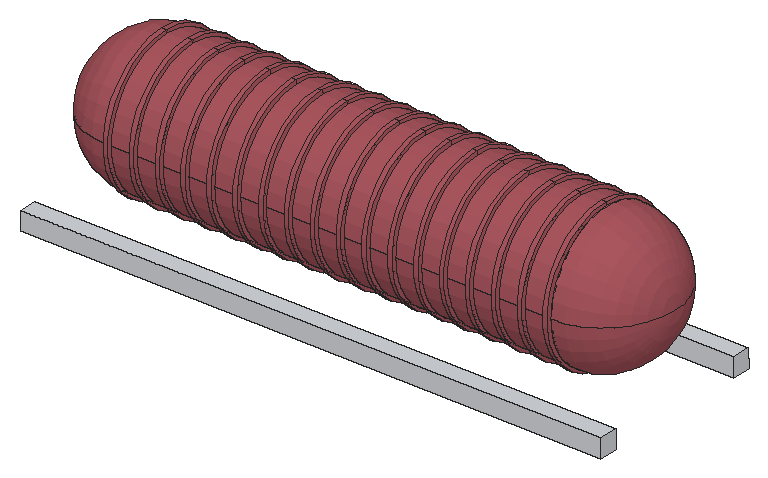
Revit family "Fluid-Storage_Water-Tank_Xerxes_Underground-Wastewater", category Generic Models, Revit 2026
Family settings
  Can host rebar = No
  Round Connector Dimension = Use Diameter
  Part Type = Normal
  Classification Number = 23.65.20.11
  Work Plane-Based = Yes
  Always vertical = No
  Cut with Voids When Loaded = No
  Maintain Annotation Orientation = No
  Shared = No
  Room Calculation Point = No
Parameters
  ribcountcontrol = if(Rib Count < 2, 2, Rib Count)  # 18
  Warranty Duration (Years) = 0
  Unit Weight Notes = "Unit Weight refers to empty tank only."  # constant formula
  Unit Weight = 0
  Unit Length = 31' - 6 1/2"
  URL = "http://www.xerxes.com/"
  Tank Diameter Without Ribs = 7' - 8"
  Standards Conformance = "as Specified"
  Specification = "http://www.arcat.com/sdspecs/htm04/33_16_00xer.htm"
  SpecWizard = "http://www.arcat.com/specwizard/clients/xerxes.html?coid=36629"
  Small Size Resevoir Fitting = no
  Send Message = ""
  Sales Information = "http://www.xerxes.com/contact.html?country=US&productType=Petroleum%20Products"
  Ribs = not(and(Diameter = 4' 0", Unit Length < 10' 0"))  # yes
  Rib Inset = 3' - 10"
  Rib Count = 18
  Revision = "R1_2015-07"
  Product Properties = ""
  Product Data = "http://www.arcat.com/arcatcos/cos36/arc36629.html"
  Model = "As Specified"
  Manufacturer Website = "http://www.xerxes.com/"
  Manufacturer Phone - Toll Free = ""
  Manufacturer Phone = "952-887-1890"
  Manufacturer Fax = "952-887-1882"
  Manufacturer Address = "7901 Xerxes Ave. S.   Minneapolis, MN 55431"
  Manufacturer = "Xerxes Corporation"
  Maintenance Schedule (Months) = 0
  Keynote = "13200"
  Installation-Fabrication = ""
  Installation Phase = ""
  Include Deadmen Anchor [instance] = yes
  Green Building-LEED = ""
  Exterior Finish [instance] = Plastic - Fiberglass - Xerxes - Signature Red
  Expected Lifespan (Years) = 0
  End Length = 3' - 7 3/4"
  Drawn By = "Sumex Design, Inc. / Robert S. Weygant, CSI, CDT, SCIP"
  Double Wall Tank_Dry Monitored [instance] = no
  Double Wall Tank_Brine Monitored [instance] = no
  Double Wall Tank Notes [instance] = "Brine Monitored Tanks will weigh more than Dry Monitored."  # constant formula
  Diameter = 8' - 0"
  Description = "Xerxes Water Tank as Specified"
  Default Elevation = 0' - 0"
  Copyright = "©Arcat Inc."
  Construction Details = "http://www.arcat.com/details/xerxes/xerxes.html?coid=36629"
  Capacity = "as Specified"
  Brine Weight = 0
  Available LEED Credit = "as Specified"
  Assembly Code = "G30"
  Actual Capacity Tank Section 1 = 0
Reference planes (in)
  plane 1 "Center (Front/Back)": y = 0
  plane 2 "Bottom": z = 0
  plane 3 "Center (Left/Right)": x = 0
  plane 4 "Front": y = -46
  plane 5 "Back": y = 46
  plane 6 "Left": x = -189.25
  plane 7 "Right": x = 189.25
  plane 8 "Top": z = 92
  plane 9: x = -145.5
  plane 10: x = 145.5
  plane 11: z = 46
  plane 12: x = -143.25
  plane 13: x = 143.25
  plane 14: z = 94
  plane 15: z = -2
Forms (in)
  Revolve 1, solid, material "Plastic - Fiberglass - Xerxes - Signature Red" <- "Exterior Finish"
    sketch origin (-43.59721, -180, 46) x (-1, 0, 0) y (0, -1, 0)
      loop
        spline (101.90279, -226) -> (107.61331, -225.60646) -> (113.22612, -224.43259) -> (118.64519, -222.49846) -> (123.77779, -219.83717) -> (128.5361, -216.49425) -> (132.83871, -212.52691) -> (136.612, -208.00303) -> (139.7914, -203) -> (142.32252, -197.60344) -> (144.16205, -191.90568) -> (145.2785, -186.0042) -> (145.65279, -180)
        line (145.65279, -180) -> (-232.84721, -180)
        spline (-232.84721, -180) -> (-232.47292, -186.0042) -> (-231.35646, -191.90568) -> (-229.51694, -197.60344) -> (-226.98582, -203) -> (-223.80642, -208.00303) -> (-220.03313, -212.52691) -> (-215.73052, -216.49425) -> (-210.97221, -219.83717) -> (-205.83961, -222.49846) -> (-200.42054, -224.43259) -> (-194.80773, -225.60646) -> (-189.09721, -226)
        line (-189.09721, -226) -> (101.90279, -226)
      axis (145.65279, -180) -> (-232.84721, -180)
    angle from 0 to 360
  Revolve 2, solid, material "Plastic - Fiberglass - Xerxes - Signature Red" <- "Exterior Finish", visible <- "Small Size Resevoir Fitting"
    sketch origin (0, 0, 0) x (1, 0, 0) y (0, 0, 1)
      loop
        line (-192.5, 0) -> (-186, 0) -> (-186, 78.4375) -> (-192.5, 78.4375) -> (-192.5, 0)
      axis (-186, 78.4375) -> (-186, 0)
    angle from 0 to 360
  Revolve 3, solid, material "Plastic - Fiberglass - Xerxes - Signature Red" <- "Exterior Finish", visible <- "Double Wall Tank_Dry Monitored"
    sketch origin (0, 0, 0) x (1, 0, 0) y (0, 0, 1)
      loop
        line (137.125, 92) -> (137.125, 46) -> (143.25, 46) -> (143.25, 96.18116) -> (140.37476, 96.18116) -> (140.37476, 94.68116) -> (139.37476, 94.68116) -> (137.125, 92)
      axis (143.25, 96.18116) -> (143.25, 46)
    angle from 0 to 360
  Revolve 4, solid, material "Plastic - Fiberglass - Xerxes - Signature Red" <- "Exterior Finish", visible <- "Double Wall Tank_Brine Monitored"
    sketch origin (0, 0, 0) x (1, 0, 0) y (0, 0, 1)
      loop
        line (143.25, 46) -> (143.25, 106.5) -> (140.37476, 106.5) -> (140.37476, 105) -> (133.75, 105) -> (133.75, 46) -> (143.25, 46)
      axis (143.25, 106.5) -> (143.25, 46)
    angle from 0 to 360
Dimensions and locks (in)
  equal spacing: plane 6 "Left", plane 3 "Center (Left/Right)", plane 7 "Right"
  "Unit Length": plane 6 "Left" to plane 7 "Right"
  equal spacing: plane 5 "Back", plane 1 "Center (Front/Back)", plane 4 "Front"
  "Tank Diameter Without Ribs": plane 5 "Back" to plane 4 "Front"
  "Tank Diameter Without Ribs": plane 8 "Top" to level
  "End Length": plane 6 "Left" to plane 9
  "End Length": plane 10 to plane 7 "Right"
  locked: plane 6 "Left" to Revolve 1 sketch curve at 0
  locked: plane 7 "Right" to Revolve 1 sketch curve at 0
  equal spacing: plane 8 "Top", plane 11, level
  "Rib Inset": plane 6 "Left" to plane 12
  "Rib Inset": plane 13 to plane 7 "Right"
  equal spacing: group 1, group 3, group 4, group 5, group 6, group 7, group 8, group 9, group 10, group 11, group 12, group 13, group 14, group 15, group 16, group 17, group 18, group 2  (x3)
  locked: Revolve 2 sketch curve to plane 11 at 32.4375
  locked: Revolve 2 sketch curve to plane 6 "Left" at 3.25
  Revolve 2 sketch curve to plane 6 "Left" to Revolve 2 sketch curve = 0' - 3 1/4" locked, 0' - 3 1/4" locked
  equal spacing: plane 14, plane 11, plane 15
  "Diameter": plane 14 to plane 15
  Revolve 3 sketch curve to Revolve 3 sketch curve to plane 8 "Top" to Revolve 3 sketch curve = 0' - 1 1/2" locked, 0' - 2.68116" locked, 0' - 0" locked
  Revolve 4 sketch curve to Revolve 4 sketch curve to plane 8 "Top" = 0' - 1 1/2" locked, 1' - 1" locked
  aligned and locked: Revolve 1 sketch curve to plane 1 "Center (Front/Back)"
  aligned and locked: Revolve 1 sketch curve to plane 5 "Back"
  aligned and locked: Revolve 1 sketch curve to plane 10
  aligned and locked: Revolve 1 sketch curve to plane 9
  aligned and locked: nested 2 to plane 13
  aligned and locked: nested 1 to plane 12
  aligned and locked: plane 3 "Center (Left/Right)" to nested 4
  aligned and locked: Revolve 3 sketch curve to plane 13
  aligned and locked: Revolve 4 sketch curve to plane 13
  aligned and locked: plane 11 to Revolve 3 sketch curve
  aligned and locked: Revolve 4 sketch curve to plane 11
Automatic sketch dimensions
  plane 1 "Center (Front/Back)" to Revolve 1 sketch curve = 0' - 0"
  Revolve 1 sketch curve to Revolve 1 sketch curve = 0' - 4"
  Revolve 1 sketch curve to plane 6 "Left" = 0' - 5"
  Revolve 2 sketch curve to level = 0' - 0"
  Revolve 2 sketch curve to level = 0' - 4 9/16"
  Revolve 2 sketch curve to Revolve 2 sketch curve = 0' - 0"
  Revolve 3 sketch curve to plane 13 = 0' - 2.87524"
  Revolve 3 sketch curve to Revolve 3 sketch curve = 0' - 1"
  Revolve 3 sketch curve to Revolve 3 sketch curve = 0' - 2.24976"
  Revolve 3 sketch curve to plane 8 "Top" = 0' - 3 1/2"
  Revolve 3 sketch curve to Revolve 3 sketch curve = 0' - 0.06884"
  Revolve 3 sketch curve to plane 13 = 0' - 0"
  Revolve 4 sketch curve to plane 13 = 0' - 0"
  Revolve 4 sketch curve to Revolve 4 sketch curve = 0' - 2.87524"
  Revolve 4 sketch curve to Revolve 4 sketch curve = 0' - 6.62476"
  Revolve 4 sketch curve to Revolve 4 sketch curve = 0' - 2 1/2"
  Revolve 4 sketch curve to plane 8 "Top" = 0' - 7 3/4"
Nested families (in)
  nested 1: "Ribs" at (-143.25, 0, 0) x (0, 1, 0) z (0, 0, 1), Diameter <- "Tank Diameter Without Ribs", visible <- "Ribs", finish <- "Exterior Finish", outer diameter <- "Diameter", type "Ribs"
    with rib height 0' - 2", outer diameter 8' - 0", finish Plastic - Fiberglass - Xerxes - Signature Red, Diameter 7' - 8"
  nested 2: "Ribs" at (143.25, 0, 0) x (0, 1, 0) z (0, 0, 1), Diameter <- "Tank Diameter Without Ribs", visible <- "Ribs", finish <- "Exterior Finish", outer diameter <- "Diameter", type "Ribs"
    with rib height 0' - 2", outer diameter 8' - 0", finish Plastic - Fiberglass - Xerxes - Signature Red, Diameter 7' - 8"
  nested 3: "Ribs" at (-126.39706, 0, 0) x (0, 1, 0) z (0, 0, 1), Diameter <- "Tank Diameter Without Ribs", visible <- "Ribs", finish <- "Exterior Finish", outer diameter <- "Diameter", type "Ribs"
    with rib height 0' - 2", outer diameter 8' - 0", finish Plastic - Fiberglass - Xerxes - Signature Red, Diameter 7' - 8"
  nested 4: "Fluid-Storage_Tank-Accessory_Xerxes_Deadmen" at (0, 0, -2) x (1, 0, 0) z (0, 0, -1), Unit Length <- "Unit Length", Space Between Deadmen <- "Diameter", visible <- "Include Deadmen Anchor", type "Fluid-Storage_Tank-Accessory_Xerxes_Deadmen"
    with Unit Width 1' - 0", Unit Length 31' - 6 1/2", Unit Height 1' - 0", Space Between Deadmen 8' - 0", Lower Diameter Tanks yes, Higher Diameter Tanks no
  nested 5: "Ribs" at (-109.54412, 0, 0) x (0, 1, 0) z (0, 0, 1), Diameter <- "Tank Diameter Without Ribs", visible <- "Ribs", finish <- "Exterior Finish", outer diameter <- "Diameter", type "Ribs"
    with rib height 0' - 2", outer diameter 8' - 0", finish Plastic - Fiberglass - Xerxes - Signature Red, Diameter 7' - 8"
  nested 6: "Ribs" at (-92.69118, 0, 0) x (0, 1, 0) z (0, 0, 1), Diameter <- "Tank Diameter Without Ribs", visible <- "Ribs", finish <- "Exterior Finish", outer diameter <- "Diameter", type "Ribs"
    with rib height 0' - 2", outer diameter 8' - 0", finish Plastic - Fiberglass - Xerxes - Signature Red, Diameter 7' - 8"
  nested 7: "Ribs" at (-75.83824, 0, 0) x (0, 1, 0) z (0, 0, 1), Diameter <- "Tank Diameter Without Ribs", visible <- "Ribs", finish <- "Exterior Finish", outer diameter <- "Diameter", type "Ribs"
    with rib height 0' - 2", outer diameter 8' - 0", finish Plastic - Fiberglass - Xerxes - Signature Red, Diameter 7' - 8"
  nested 8: "Ribs" at (-58.98529, 0, 0) x (0, 1, 0) z (0, 0, 1), Diameter <- "Tank Diameter Without Ribs", visible <- "Ribs", finish <- "Exterior Finish", outer diameter <- "Diameter", type "Ribs"
    with rib height 0' - 2", outer diameter 8' - 0", finish Plastic - Fiberglass - Xerxes - Signature Red, Diameter 7' - 8"
  nested 9: "Ribs" at (-42.13235, 0, 0) x (0, 1, 0) z (0, 0, 1), Diameter <- "Tank Diameter Without Ribs", visible <- "Ribs", finish <- "Exterior Finish", outer diameter <- "Diameter", type "Ribs"
    with rib height 0' - 2", outer diameter 8' - 0", finish Plastic - Fiberglass - Xerxes - Signature Red, Diameter 7' - 8"
  nested 10: "Ribs" at (-25.27941, 0, 0) x (0, 1, 0) z (0, 0, 1), Diameter <- "Tank Diameter Without Ribs", visible <- "Ribs", finish <- "Exterior Finish", outer diameter <- "Diameter", type "Ribs"
    with rib height 0' - 2", outer diameter 8' - 0", finish Plastic - Fiberglass - Xerxes - Signature Red, Diameter 7' - 8"
  nested 11: "Ribs" at (-8.42647, 0, 0) x (0, 1, 0) z (0, 0, 1), Diameter <- "Tank Diameter Without Ribs", visible <- "Ribs", finish <- "Exterior Finish", outer diameter <- "Diameter", type "Ribs"
    with rib height 0' - 2", outer diameter 8' - 0", finish Plastic - Fiberglass - Xerxes - Signature Red, Diameter 7' - 8"
  nested 12: "Ribs" at (8.42647, 0, 0) x (0, 1, 0) z (0, 0, 1), Diameter <- "Tank Diameter Without Ribs", visible <- "Ribs", finish <- "Exterior Finish", outer diameter <- "Diameter", type "Ribs"
    with rib height 0' - 2", outer diameter 8' - 0", finish Plastic - Fiberglass - Xerxes - Signature Red, Diameter 7' - 8"
  nested 13: "Ribs" at (25.27941, 0, 0) x (0, 1, 0) z (0, 0, 1), Diameter <- "Tank Diameter Without Ribs", visible <- "Ribs", finish <- "Exterior Finish", outer diameter <- "Diameter", type "Ribs"
    with rib height 0' - 2", outer diameter 8' - 0", finish Plastic - Fiberglass - Xerxes - Signature Red, Diameter 7' - 8"
  nested 14: "Ribs" at (42.13235, 0, 0) x (0, 1, 0) z (0, 0, 1), Diameter <- "Tank Diameter Without Ribs", visible <- "Ribs", finish <- "Exterior Finish", outer diameter <- "Diameter", type "Ribs"
    with rib height 0' - 2", outer diameter 8' - 0", finish Plastic - Fiberglass - Xerxes - Signature Red, Diameter 7' - 8"
  nested 15: "Ribs" at (58.98529, 0, 0) x (0, 1, 0) z (0, 0, 1), Diameter <- "Tank Diameter Without Ribs", visible <- "Ribs", finish <- "Exterior Finish", outer diameter <- "Diameter", type "Ribs"
    with rib height 0' - 2", outer diameter 8' - 0", finish Plastic - Fiberglass - Xerxes - Signature Red, Diameter 7' - 8"
  nested 16: "Ribs" at (75.83824, 0, 0) x (0, 1, 0) z (0, 0, 1), Diameter <- "Tank Diameter Without Ribs", visible <- "Ribs", finish <- "Exterior Finish", outer diameter <- "Diameter", type "Ribs"
    with rib height 0' - 2", outer diameter 8' - 0", finish Plastic - Fiberglass - Xerxes - Signature Red, Diameter 7' - 8"
  nested 17: "Ribs" at (92.69118, 0, 0) x (0, 1, 0) z (0, 0, 1), Diameter <- "Tank Diameter Without Ribs", visible <- "Ribs", finish <- "Exterior Finish", outer diameter <- "Diameter", type "Ribs"
    with rib height 0' - 2", outer diameter 8' - 0", finish Plastic - Fiberglass - Xerxes - Signature Red, Diameter 7' - 8"
  nested 18: "Ribs" at (109.54412, 0, 0) x (0, 1, 0) z (0, 0, 1), Diameter <- "Tank Diameter Without Ribs", visible <- "Ribs", finish <- "Exterior Finish", outer diameter <- "Diameter", type "Ribs"
    with rib height 0' - 2", outer diameter 8' - 0", finish Plastic - Fiberglass - Xerxes - Signature Red, Diameter 7' - 8"
  nested 19: "Ribs" at (126.39706, 0, 0) x (0, 1, 0) z (0, 0, 1), Diameter <- "Tank Diameter Without Ribs", visible <- "Ribs", finish <- "Exterior Finish", outer diameter <- "Diameter", type "Ribs"
    with rib height 0' - 2", outer diameter 8' - 0", finish Plastic - Fiberglass - Xerxes - Signature Red, Diameter 7' - 8"
Definition of nested family "Ribs"
  Parameters
    rib height [instance] = (outer diameter - Diameter) / 2  # 1' - 0.28415"
    outer diameter [instance] = 4' - 5"
    finish [instance] = none
    Diameter [instance] = 2' - 4.4317"
    Default Elevation = 0' - 0"
    Assembly Code = ""
  Reference planes (in)
    plane 1 "Center (Front/Back)": y = 0
    plane 2: z = 0
    plane 3 "Center (Left/Right)": x = 0
    plane 4: z = 28.4317
    plane 5: z = 40.71585
    plane 6: z = -12.28415
  Forms (in)
    Revolve 1, solid, material <- "finish"
      sketch origin (0, 0, 0) x (0, 1, 0) y (0, 0, 1)
        loop
          line (-1.45594, -12.28415) -> (1.45594, -12.28415) -> (1.75, 0) -> (-1.75, 0) -> (-1.45594, -12.28415)
        axis (-1.75, 14.21585) -> (1.75, 14.21585)
      angle from 0 to 360
  Dimensions and locks (in)
    "Diameter": plane 4 to level
    equal spacing: plane 4, Revolve 1 sketch curve, level
    "rib height": plane 5 to plane 4
    "rib height": level to plane 6
    aligned and locked: plane 2 to level
    aligned and locked: plane 6 to Revolve 1 sketch curve
  Automatic sketch dimensions
    Revolve 1 sketch curve to level = 0' - 0"
    plane 1 "Center (Front/Back)" to Revolve 1 sketch curve = 1' - 2.96287"
    plane 1 "Center (Front/Back)" to Revolve 1 sketch curve = 0' - 1 3/4"
    Revolve 1 sketch curve to Revolve 1 sketch curve = 0' - 0.29406"  (x2)
    Revolve 1 sketch curve to plane 1 "Center (Front/Back)" = 0' - 1.45594"
    Revolve 1 sketch curve to plane 1 "Center (Front/Back)" = 1' - 1.03713"
Definition of nested family "Fluid-Storage_Tank-Accessory_Xerxes_Deadmen"
  Parameters
    Warranty Duration (Years) = 0
    Unit Width [instance] = if(Space Between Deadmen < 10' 0", 1' 0", 1' 6")  # 1' - 0"
    Unit Weight = 0
    Unit Length [instance] = 6' - 0"
    Unit Height [instance] = if(Space Between Deadmen < 10' 0", 1' 0", 0' 8 3/4")  # 1' - 0"
    URL = ""
    Specification = ""
    SpecWizard = ""
    Space Between Deadmen [instance] = 2' - 8"
    Send Message = ""
    Sales Information = ""
    Revision = "R1_01-2014"
    Product Properties = ""
    Product Data = ""
    Model = "As Specified"
    Manufacturer Website = ""
    Manufacturer Phone - Toll Free = ""
    Manufacturer Phone = ""
    Manufacturer Fax = ""
    Manufacturer Address = ""
    Manufacturer = ""
    Maintenance Schedule (Months) = 0
    Lower Diameter Tanks [instance] = Space Between Deadmen < 10' 0"  # yes
    Keynote = ""
    Installation-Fabrication = ""
    Installation Phase = ""
    Higher Diameter Tanks [instance] = not(Space Between Deadmen < 10' 0")  # no
    Green Building-LEED = ""
    Expected Lifespan (Years) = 0
    Drawn By = "Sumex Design, Inc. / Robert S. Weygant, CSI, CDT, SCIP"
    Description = ""
    Default Elevation = 0' - 0"
    Copyright = "©Arcat Inc."
    Construction Details = ""
    Assembly Code = ""
  Reference planes (in)
    plane 1 "Center (Front/Back)": y = 0
    plane 2 "Bottom": z = 0
    plane 3 "Center (Left/Right)": x = 0
    plane 4 "Front": y = -16
    plane 5 "Back": y = 16
    plane 6 "Left": x = -36
    plane 7 "Right": x = 36
  Forms (in)
    Extrusion 1, solid, visible <- "Lower Diameter Tanks"
      sketch origin (0, 0, 0) x (0, 1, 0) y (0, 0, 1)
        loop
          line (-28, 12) -> (-28, 0) -> (-16, 0) -> (-16, 12) -> (-28, 12)
        loop
          line (16, 12) -> (16, 0) -> (28, 0) -> (28, 12) -> (16, 12)
      from -36 to 36
    Extrusion 2, solid, visible <- "Higher Diameter Tanks"
      sketch origin (0, 0, 0) x (0, 1, 0) y (0, 0, 1)
        loop
          line (16, 8.75) -> (16, 2.88675) -> (21, 0) -> (29, 0) -> (34, 2.88675) -> (34, 8.75) -> (16, 8.75)
        loop
          line (-16, 8.75) -> (-34, 8.75) -> (-34, 2.88675) -> (-29, 0) -> (-21, 0) -> (-16, 2.88675) -> (-16, 8.75)
      from -36 to 36
  Dimensions and locks (in)
    equal spacing: plane 6 "Left", plane 3 "Center (Left/Right)", plane 7 "Right"
    "Unit Length": plane 6 "Left" to plane 7 "Right"
    equal spacing: plane 5 "Back", plane 1 "Center (Front/Back)", plane 4 "Front"
    "Space Between Deadmen": plane 5 "Back" to plane 4 "Front"
    locked: Extrusion 1 sketch curve to plane 4 "Front" at 12
    locked: plane 5 "Back" to Extrusion 1 sketch curve at 12
    locked: Extrusion 1 sketch curve to level at 12  (x2)
    Extrusion 2 sketch curve to Extrusion 2 sketch curve to Extrusion 2 sketch curve to plane 4 "Front" = 0' - 5" locked, 0' - 8" locked, 0' - 5" locked
    plane 5 "Back" to Extrusion 2 sketch curve to Extrusion 2 sketch curve to Extrusion 2 sketch curve = 0' - 5" locked, 0' - 8" locked, 0' - 5" locked
    aligned and locked: plane 7 "Right" to Extrusion 1
    aligned and locked: Extrusion 1 to plane 6 "Left"
    aligned and locked: Extrusion 2 to plane 7 "Right"
    aligned and locked: Extrusion 2 to plane 6 "Left"
  Automatic sketch dimensions
    Extrusion 1 sketch curve to level = 0' - 0"  (x2)
    Extrusion 1 sketch curve to plane 4 "Front" = 0' - 0"
    Extrusion 1 sketch curve to plane 5 "Back" = 0' - 0"
    level to Extrusion 2 sketch curve = 0' - 8 3/4"
    Extrusion 2 sketch curve to plane 4 "Front" = 0' - 0"
    Extrusion 2 sketch curve to plane 5 "Back" = 0' - 0"
    level to Extrusion 2 sketch curve = 0' - 2.88675"  (x2)
    Extrusion 2 sketch curve to Extrusion 2 sketch curve = 0' - 5.86325"  (x2)
    Extrusion 2 sketch curve to Extrusion 2 sketch curve = 0' - 2.88675"  (x2)
    Extrusion 2 sketch curve to level = 0' - 0"
